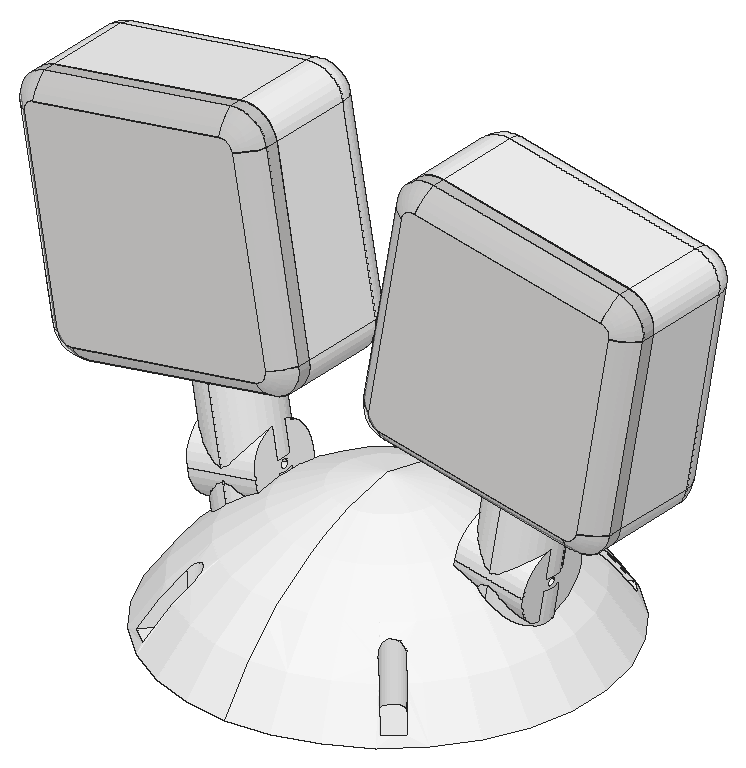
Revit family "CWRD", category Lighting Fixtures, host Face, Revit 2014
Parameters (values of type "CWRD")
  Wattage Comments = "1W"
  Warranty = "2 year full unit warranty"
  URL = "https://www.hubbell.com/compassproducts/en"
  Type Comments = "Light Fixture"  # constant formula
  Steel = Metal-Hubbell-Galvanized_Steel
  Product Page URL = "https://www.hubbell.com/compassproducts/en/Products/Lighting-Controls/Emergency-Exit-Lighting/Remote-Heads-Fixtures/CWRS/p/2664613"
  Product Doucumentation Link = "https://hubbellcdn.com/specsheet/604114_CWR_SPEC.pdf"
  Model = "CWRD"
  Manufacturer = "Compass Lighting A unit of Hubbell Lighting"  # constant formula
  Lamp = "LED"
  Certification = "UL924 Damp Listed, NFPA 101 and NFPA 70"
  Glass = Glass - Hubbell - White
  Features = "Constructed of heavy-duty die-cast with glass lens and\r\nchrome-plated metallized reflector\r\n•\t 8 LED’s per head using 1.0W at 9.6 VOLTS DC\r\n•\t LED life-cycle of more than 10 years\r\n•\t Operates from 9.6VDC input from the Compass CU2W\r\nEmergency Light\r\n•\t Lamp base mounts to single-gang switch box\r\n•\t Suitable for wall or ceiling mount"  # constant formula
  Description = "The CWR remote head can be applied over path of egress doors and in areas affected by rain, moisture and condensation. Includes mounting base and lamp-heads in durable die-cast construction. Lamp-heads are fully gasketed, fully adjustable and glare-free for operation in outdoor and wet environments. The CWR remote lamps are driven exclusively by the Compass CU2W with remote capacity."
  Default Elevation = 48.00"
  Copyrights = "© Hubbell Lighting, Inc"
  Contact Us = "https://www.hubbell.com/compassproducts/en/contactUs?productId=2664613"
  Body = Paint - Hubbell - Matte White
  Apparent Load = 1 VA
Reference planes (in)
  plane 1 "Center (Front/Back)": y = 0
  plane 2: z = 0
  plane 3 "Center (Left/Right)": x = 0
  plane 4: x = -3.35
  plane 5: x = 3.35
  plane 6: y = 2.3
  plane 7: y = -2.3
  plane 8: z = 2.6
  plane 9: y = 2.32113
  plane 10: y = -2.27887
  plane 11: z = 2.6
Forms (in)
  Revolve 1, solid, material "Paint - Hubbell - Matte White" <- "Body"
    sketch origin (0.0436, -4.33535, 4.35661) x (0, 0, -1) y (0, 1, 0)
      loop
        line (4.35654, 4.35654) -> (2.87484, 4.35654)
        arc (2.87484, 4.35654) -> (3.36172, 3.06426) -> (4.35654, 2.10647) r 3.13555
        line (4.35654, 2.10647) -> (4.35654, 4.35654)
      axis (2.87484, 4.35654) -> (4.35654, 4.35654)
    angle from 0 to 360
  Extrusion 2, void
    sketch origin (0.0436, 0.02113, 0) x (1, 0, 0) y (0, 1, 0)
      loop
        line (-1.53987, 1.64068) -> (-1.22063, 1.26023)
        arc (-1.22063, 1.26023) -> (-1.04453, 1.24482) -> (-1.02912, 1.42093) r 0.125
        line (-1.02912, 1.42093) -> (-1.34836, 1.80138)
        arc (-1.34836, 1.80138) -> (-1.44635, 1.72369) -> (-1.53987, 1.64068) r 2.25007
      loop
        arc (1.53987, 1.64068) -> (1.44635, 1.72369) -> (1.34836, 1.80138) r 2.25007
        line (1.34836, 1.80138) -> (1.02912, 1.42093)
        arc (1.02912, 1.42093) -> (1.04453, 1.24482) -> (1.22063, 1.26023) r 0.125
        line (1.22063, 1.26023) -> (1.53987, 1.64068)
      loop
        arc (-1.53987, -1.64068) -> (-1.44635, -1.72369) -> (-1.34836, -1.80138) r 2.25007
        line (-1.34836, -1.80138) -> (-1.02912, -1.42093)
        arc (-1.02912, -1.42093) -> (-1.04453, -1.24482) -> (-1.22063, -1.26023) r 0.125
        line (-1.22063, -1.26023) -> (-1.53987, -1.64068)
      loop
        line (1.53987, -1.64068) -> (1.22063, -1.26023)
        arc (1.22063, -1.26023) -> (1.04453, -1.24482) -> (1.02912, -1.42093) r 0.125
        line (1.02912, -1.42093) -> (1.34836, -1.80138)
        arc (1.34836, -1.80138) -> (1.44635, -1.72369) -> (1.53987, -1.64068) r 2.25007
    from 0.09155 to 0.89496
Cuts and joins
  Extrusion 2 cuts Revolve 1
Dimensions and locks (in)
  plane 8 to level = 2.60"
  plane 6 to plane 7 = 4.60"
  plane 7 to plane 6 = 4.60"
  aligned and locked: plane 2 to host face
  aligned and locked: level to host face
Nested families (in)
  nested 1: "Family1" at (-1.68691, -0.01509, -0.32285), type "Family1"
  nested 2: "Family1" at (1.68691, -0.01509, -0.32285) x (-1, 0, 0) z (0, 0, 1), type "Family1"
Connectors (in)
  electrical at (0.0436, 0.02119, 0.00007)
    settings: on cut or joined group of Revolve 1, Extrusion 2, index 1, voltage 120 V, apparent load 3 VA, apparent load phase1 0 VA, apparent load phase2 0 VA, apparent load phase3 0 VA, power factor 0.9, load classification "Other", number of poles 1, system type 30, power factor state 1, is connector primary yes, connector utility no, sub classification motor no, connector description "Lighting Connector"
Definition of nested family "Family1"
  Parameters (values of type "Family1")
    Wattage = 9.2903 W
    built-in parameter 1150110 = 1 (stored number, unit not read)
    built-in parameter 1114217 = 1 (stored number, unit not read)
    Tilt Angle = 0.00°
    built-in parameter 1150109 = 1 (stored number, unit not read)
    built-in parameter 1150134 = 3
    built-in parameter 1150113 = 1 (stored number, unit not read)
    Steel = Metal-Hubbell-Galvanized_Steel
    Photometric Web File = "compass_led.ies"
    built-in parameter 1150105 = 28396.2 (stored number, unit not read)
    Lumens = 1380 lm
    built-in parameter 1150115 = 1 (stored number, unit not read)
    built-in parameter 1150137 = (empty or 0)
    built-in parameter 1150139 = (empty or 0)
    built-in parameter 1150112 = 1 (stored number, unit not read)
    built-in parameter 1150114 = 1 (stored number, unit not read)
    built-in parameter 1150132 = (empty or 0)
    built-in parameter 1150102 = (empty or 0)
    built-in parameter 1150107 = 3200 (stored number, unit not read)
    built-in parameter 1150138 = (empty or 0)
    built-in parameter 1150106 = 283.96 (stored number, unit not read)
    Glass = Glass - Hubbell - White
    built-in parameter 1150104 = 13.8 (stored number, unit not read)
    Dimming Lamp Color Temperature Shift = (empty or 0)
    Default Elevation = 48.00"
    Color Filter = 16777215
    Body = Paint - Hubbell - Matte White
    built-in parameter 1114218 = 1 (stored number, unit not read)
    built-in parameter 1150133 = 10 (stored number, unit not read)
  Reference planes (in)
    plane 1 "Center (Front/Back)": y = 0
    plane 2: z = 0
    plane 3 "Center (Left/Right)": x = 0
  Forms (in)
    Extrusion 1, solid
      sketch origin (0, 0, 0) x (1, 0, 0) y (0, 1, 0)
        loop
          line (-48, 48) -> (-48, -48) -> (48, -48) -> (48, 48) -> (-48, 48)
      from 0 to -12
    Revolve 2, solid, material "Paint - Hubbell - Matte White" <- "Body"
      sketch origin (0.69109, 0.03595, -1.33402) x (0, 1, 0) y (-0.173648, 0, 0.984808)
        loop
          arc (-0.39452, 1.37492) -> (-0.19852, 1.43113) -> (0, 1.47769) r 4.17071
          line (0, 1.47769) -> (0, 2.39836)
          arc (0, 2.39836) -> (-0.25967, 2.48596) -> (-0.39452, 2.72453) r 0.38342
          line (-0.39452, 2.72453) -> (-0.39452, 1.37492)
        axis (0, 2.72453) -> (0, 1.37492)
      angle from 0 to 360
    Extrusion 3, solid, material "Paint - Hubbell - Matte White" <- "Body"
      sketch origin (0.69109, 0.03595, -1.33402) x (0, 1, 0) y (-0.173648, 0, 0.984808)
        loop
          circle (0, 2.79049) r 0.4
        loop
          circle (0, 2.79049) r 0.04727
      from -0.37955 to 0.38293
    Revolve 4, solid, material "Paint - Hubbell - Matte White" <- "Body"
      sketch origin (0.37586, 0.03595, 0.45373) x (0, 1, 0) y (-0.173648, 0, 0.984808)
        loop
          arc (-0.39452, 1.04113) -> (-0.25847, 1.28044) -> (0, 1.37516) r 0.4
          line (0, 1.37516) -> (0, 3.4479) -> (-0.39452, 3.4479) -> (-0.39452, 1.04113)
        axis (0, 3.4479) -> (0, 1.04113)
      angle from 0 to 360
    Extrusion 5, solid, material "Paint - Hubbell - Matte White" <- "Body"
      sketch origin (0.69109, 0.65556, -1.33402) x (0.984808, 0, 0.173648) y (-0.173648, 0, 0.984808)
        loop
          arc (-1.05587, 6.58476) -> (-1.28159, 6.49126) -> (-1.37509, 6.26554) r 0.31922
          line (-1.37509, 6.26554) -> (-1.37509, 4.17631)
          arc (-1.37509, 4.17631) -> (-1.27505, 3.9348) -> (-1.03354, 3.83476) r 0.34155
          line (-1.03354, 3.83476) -> (1.0359, 3.83476)
          arc (1.0359, 3.83476) -> (1.27562, 3.93406) -> (1.37491, 4.17378) r 0.33902
          line (1.37491, 4.17378) -> (1.37491, 6.24282)
          arc (1.37491, 6.24282) -> (1.27476, 6.48461) -> (1.03297, 6.58476) r 0.34195
          line (1.03297, 6.58476) -> (-1.05587, 6.58476)
      from 0 to 1.19779
    Extrusion 6, solid, material "Glass - Hubbell - White" <- "Glass"
      sketch origin (0.69109, 0.03595, -1.33402) x (0.984808, 0, 0.173648) y (-0.173648, 0, 0.984808)
        loop
          line (1.03297, 6.58476) -> (-1.05587, 6.58476)
          arc (-1.05587, 6.58476) -> (-1.28159, 6.49126) -> (-1.37509, 6.26554) r 0.31922
          line (-1.37509, 6.26554) -> (-1.37509, 4.17631)
          arc (-1.37509, 4.17631) -> (-1.27505, 3.9348) -> (-1.03354, 3.83476) r 0.34155
          line (-1.03354, 3.83476) -> (1.0359, 3.83476)
          arc (1.0359, 3.83476) -> (1.27562, 3.93406) -> (1.37491, 4.17378) r 0.33902
          line (1.37491, 4.17378) -> (1.37491, 6.24282)
          arc (1.37491, 6.24282) -> (1.27476, 6.48461) -> (1.03297, 6.58476) r 0.34195
      from 0.71412 to 0.92404
    Sweep 7, void
      path in 3D
        loop
          arc (-1.49217, -0.88809, 4.96736) -> (-1.69823, -0.88809, 4.83608) -> (-1.75111, -0.88809, 4.59756) r 0.31922
          line (-1.75111, -0.88809, 4.59756) -> (-1.38831, -0.88809, 2.54007)
          arc (-1.38831, -0.88809, 2.54007) -> (-1.24786, -0.88809, 2.31959) -> (-0.99264, -0.88809, 2.26301) r 0.34155
          line (-0.99264, -0.88809, 2.26301) -> (1.04535, -0.88809, 2.62237)
          arc (1.04535, -0.88809, 2.62237) -> (1.26419, -0.88809, 2.76178) -> (1.32035, -0.88809, 3.0151) r 0.33902
          line (1.32035, -0.88809, 3.0151) -> (0.96106, -0.88809, 5.05271)
          arc (0.96106, -0.88809, 5.05271) -> (0.82044, -0.88809, 5.27343) -> (0.56493, -0.88809, 5.33008) r 0.34195
          line (0.56493, -0.88809, 5.33008) -> (-1.49217, -0.88809, 4.96736)
      profile origin (-0.46362, -0.88809, 5.14872) x (0, -1, 0) y (-0.173648, 0, 0.984808)
        loop
          arc (-0.20992, 0) -> (-0.08745, -0.08745) -> (0, -0.20992) r 0.45722
          line (0, -0.20992) -> (0, 0) -> (-0.20992, 0)
    Extrusion 8, solid, material "Metal-Hubbell-Galvanized_Steel" <- "Steel"
      sketch origin (0.69109, 0.03595, -1.33402) x (0.984808, 0, 0.173648) y (-0.173648, 0, 0.984808)
        loop
          line (1.03297, 6.58476) -> (-1.05587, 6.58476)
          arc (-1.05587, 6.58476) -> (-1.28159, 6.49126) -> (-1.37509, 6.26554) r 0.31922
          line (-1.37509, 6.26554) -> (-1.37509, 4.17631)
          arc (-1.37509, 4.17631) -> (-1.27505, 3.9348) -> (-1.03354, 3.83476) r 0.34155
          line (-1.03354, 3.83476) -> (1.0359, 3.83476)
          arc (1.0359, 3.83476) -> (1.27562, 3.93406) -> (1.37491, 4.17378) r 0.33902
          line (1.37491, 4.17378) -> (1.37491, 6.24282)
          arc (1.37491, 6.24282) -> (1.27476, 6.48461) -> (1.03297, 6.58476) r 0.34195
      from 0.57819 to 0.71412
    Sweep 9, void
      path in 3D
        loop
          arc (0.56493, 0.65556, 5.33008) -> (0.82044, 0.65556, 5.27343) -> (0.96106, 0.65556, 5.05271) r 0.34195
          line (0.96106, 0.65556, 5.05271) -> (1.32035, 0.65556, 3.0151)
          arc (1.32035, 0.65556, 3.0151) -> (1.26419, 0.65556, 2.76178) -> (1.04535, 0.65556, 2.62237) r 0.33902
          line (1.04535, 0.65556, 2.62237) -> (-0.99264, 0.65556, 2.26301)
          arc (-0.99264, 0.65556, 2.26301) -> (-1.24786, 0.65556, 2.31959) -> (-1.38831, 0.65556, 2.54007) r 0.34155
          line (-1.38831, 0.65556, 2.54007) -> (-1.75111, 0.65556, 4.59756)
          arc (-1.75111, 0.65556, 4.59756) -> (-1.69823, 0.65556, 4.83608) -> (-1.49217, 0.65556, 4.96736) r 0.31922
          line (-1.49217, 0.65556, 4.96736) -> (0.56493, 0.65556, 5.33008)
      profile origin (-0.46362, 0.65556, 5.14872) x (0, 1, 0) y (-0.173648, 0, 0.984808)
        loop
          arc (-0.27926, 0) -> (-0.08179, -0.08179) -> (0, -0.27926) r 0.27926
          line (0, -0.27926) -> (0, 0) -> (-0.27926, 0)
  Cuts and joins
    Sweep 7 cuts Extrusion 6
    Sweep 9 cuts Extrusion 5
  Lines and regions (in)
    sketch lines
      curve 1: line (0.56493, -0.88809, 5.33008) -> (-1.49217, -0.88809, 4.96736)
      curve 2: arc (-1.75111, -0.88809, 4.59756) -> (-1.69823, -0.88809, 4.83608) -> (-1.49217, -0.88809, 4.96736) r 0.31922
      curve 3: line (-1.75111, -0.88809, 4.59756) -> (-1.38831, -0.88809, 2.54007)
      curve 4: arc (-0.99264, -0.88809, 2.26301) -> (-1.24786, -0.88809, 2.31959) -> (-1.38831, -0.88809, 2.54007) r 0.34155
      curve 5: line (-0.99264, -0.88809, 2.26301) -> (1.04535, -0.88809, 2.62237)
      curve 6: arc (1.32035, -0.88809, 3.0151) -> (1.26419, -0.88809, 2.76178) -> (1.04535, -0.88809, 2.62237) r 0.33902
      curve 7: line (1.32035, -0.88809, 3.0151) -> (0.96106, -0.88809, 5.05271)
      curve 8: arc (0.56493, -0.88809, 5.33008) -> (0.82044, -0.88809, 5.27343) -> (0.96106, -0.88809, 5.05271) r 0.34195
      curve 9: line (-1.49217, 0.65556, 4.96736) -> (0.56493, 0.65556, 5.33008)
      curve 10: arc (0.96106, 0.65556, 5.05271) -> (0.82044, 0.65556, 5.27343) -> (0.56493, 0.65556, 5.33008) r 0.34195
      curve 11: line (0.96106, 0.65556, 5.05271) -> (1.32035, 0.65556, 3.0151)
      curve 12: arc (-1.49217, 0.65556, 4.96736) -> (-1.69823, 0.65556, 4.83608) -> (-1.75111, 0.65556, 4.59756) r 0.31922
      curve 13: line (-1.38831, 0.65556, 2.54007) -> (-1.75111, 0.65556, 4.59756)
      curve 14: arc (-1.38831, 0.65556, 2.54007) -> (-1.24786, 0.65556, 2.31959) -> (-0.99264, 0.65556, 2.26301) r 0.34155
      curve 15: line (1.04535, 0.65556, 2.62237) -> (-0.99264, 0.65556, 2.26301)
      curve 16: arc (1.04535, 0.65556, 2.62237) -> (1.26419, 0.65556, 2.76178) -> (1.32035, 0.65556, 3.0151) r 0.33902
  Dimensions and locks (in)
    aligned and locked: plane 2 to Extrusion 1
    aligned and locked: level to Extrusion 1
